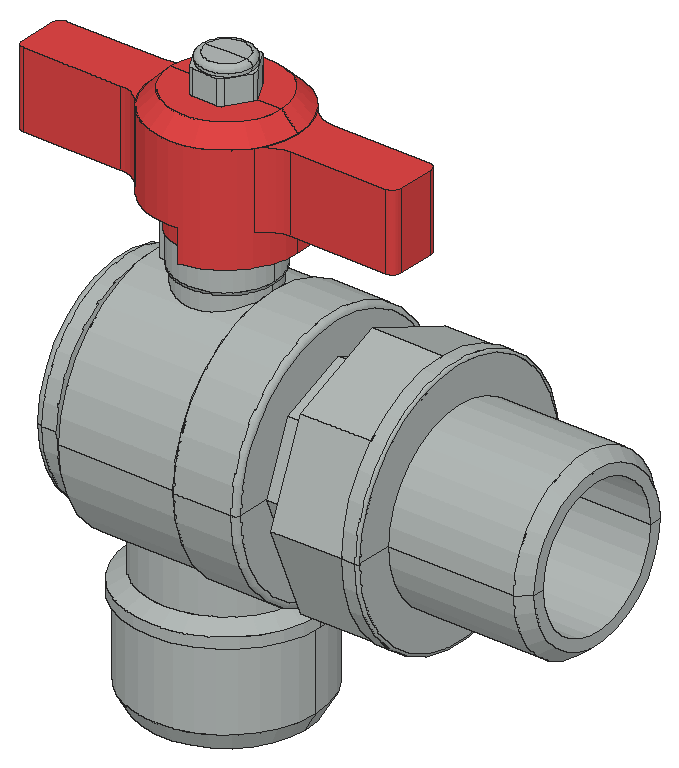
Revit family "QD01850000", category Apparecchi idraulici, Revit 2020
Family settings
  Quota connettore circolare = Usa diametro
  Tipo di parte = Normale
  Numero OmniClass = 23.45.00.00
  Titolo OmniClass = Sanitary, Laundry, and Cleaning Equipment
  Basato su piano di lavoro = No
  Sempre verticale = Sì
  Taglio con vuoti quando caricato = No
  Condiviso = No
  Punto di calcolo locali = No
Parameters
  URL = "https://web.cimberio.it/index.php/figura/252?subcategoria_id=43096"
  Temperatura di esercizio = "-20 ÷ 120°C"
  Prospetto di default = 0 mm
  Produttore = "CIMBERIO SPA"
  Pressione nominale = "PN 32"
  Modello = "Cim 239"
  Materiale = "Prodotto in lega di ottone conforme alla norma EN 12165-CW617N-DW"
  Descrizione = "Utilizzato nei più svariati settori dell'impiantistica: impianti di riscaldamento, condizionamento, idrici, igienico-sanitari, aria compressa e in generale con ogni fluido non corrosivo."
  DN Model [instance] = QD01852154 : QD01852154
  DN [instance] = 25 mm
  Commenti sul tipo = "Realizzato in ottemperanza ai requisiti gestionali della norma EN ISO 9001.\r\nCollaudato al 100% secondo la normativa EN 12266-1"
Reference planes
  plane 1 "Centro (Fronte/Retro)": y = 0
  plane 2: z = 0
  plane 3 "Centro (Sinistra/Destra)": x = 0
Dimensions and locks
  aligned and locked: level to plane 2
Nested families
  nested 1: "QD01852154" at (0, 0, 0), type <- "DN Model", type "QD01852154"
  nested 2: "QD01852154" at (0, 0, 0), type <- "DN Model", type "QD01852154"
  nested 3: "QD01852154" at (0, 0, 0), type <- "DN Model", type "QD01852154"
Connectors
  piping at (68.6, 0, 0), diameter 25, driven by "DN"
    settings: on nested 1, index 1, connector inside diameter 609.6 mm, connector length 0 mm, flow factor 0, pipe flow 0.0 L/s, pressure drop 0.0 Pa, fitting loss kfactor 0, connector angle 0.00°, fixture units 0, engagement length 0 mm, angle of deflection 0.00°, flow configuration 0, flow direction 0, fitting loss method 0, system type 7, joint type 0, gender type 0, connector reference index -1, connector utility 0, adjustable connector no, is connector primary yes, connector description ""
  piping at (0, 0, -47.5), diameter 25, driven by "DN"
    settings: on nested 1, index 2, connector inside diameter 609.6 mm, connector length 0 mm, flow factor 0, pipe flow 0.0 L/s, pressure drop 0.0 Pa, fitting loss kfactor 0, connector angle 0.00°, fixture units 0, engagement length 0 mm, angle of deflection 0.00°, flow configuration 0, flow direction 0, fitting loss method 0, system type 7, joint type 0, gender type 0, connector reference index -1, connector utility 0, adjustable connector no, is connector primary no, connector description ""
Definition of nested family "QD01852154"
  Parameters (values of type "QD01852154")
    Default Elevation = 0 mm
  Reference planes
    plane 1 "Centro (Fronte/Retro)": y = 0
    plane 2: z = 0
    plane 3 "Centro (Sinistra/Destra)": x = 0
  Forms (mm)
    Revolve 1, solid
      sketch origin (0, 0, 0) x (1, 0, 0) y (0, 1, 0)
        loop
          line (-19.65, 12.5) -> (20.6, 12.5) -> (20.6, 22.5)
          arc (20.6, 22.5) -> (20.308, 23.207) -> (19.599, 23.5) r 1
          line (19.599, 23.5) -> (9.001, 23.5)
          arc (9.001, 23.5) -> (8.658, 23.187) -> (8.5, 22.75) r 0.968
          line (8.5, 22.75) -> (-12.8, 22.75) -> (-15.55, 20) -> (-18.151, 20)
          arc (-18.151, 20) -> (-19.212, 19.56) -> (-19.65, 18.498) r 1.5
          line (-19.65, 18.498) -> (-19.65, 12.5)
        axis (-19.65, 0) -> (20.6, 0)
      angle from 0 to 360
    Extrusion 2, solid
      sketch origin (0, 0, 0) x (0, 1, 0) y (0, 0, 1)
        loop
          circle (0, 0) r 12.5
        loop
          line (0, 23.5) -> (-16.617, 16.617) -> (-23.5, 0) -> (-16.617, -16.617) -> (0, -23.5) -> (16.617, -16.617) -> (23.5, 0) -> (16.617, 16.617) -> (0, 23.5)
      from 27.1 to 40.1
    Revolve 3, solid
      sketch origin (0, 0, 4.062) x (1, 0, 0) y (0, 0, 1)
        loop
          line (0.065, 27.317) -> (0.065, 10.2) -> (8.5, 10.2) -> (8.5, 20.16)
          arc (8.5, 20.16) -> (8.86, 20.393) -> (9, 20.8) r 0.66
          line (9, 20.8) -> (9, 27.317) -> (0.065, 27.317)
        axis (0.065, 27.317) -> (0.065, 10.2)
      angle from 0 to 360
    Extrusion 4, solid
      sketch origin (0, 0, 10.625) x (1, 0, 0) y (0, 0, 1)
        loop
          line (-13, 26.3) -> (-13, 21) -> (-11, 19.845) -> (-11, 10.135) -> (-7.793, 10.135) -> (-7.793, 26.3) -> (-13, 26.3)
      from 0 to 1.742
    Revolve 5, solid
      sketch origin (0, 0, 4.062) x (1, 0, 0) y (0, 0, 1)
        loop
          line (0, 28.8) -> (-5.984, 28.8) -> (-7.003, 28.281) -> (-7.003, 26.625) -> (0, 26.625) -> (0, 28.8)
        axis (0, 28.8) -> (0, 26.625)
      angle from 0 to 360
    Revolve 6, solid
      sketch origin (0, 0, 8.056) x (1, 0, 0) y (0, 0, 1)
        loop
          line (0, 45.8) -> (-10.25, 45.806) -> (-13.25, 42.806) -> (-13.25, 22.955) -> (-7.25, 22.955) -> (-7.25, 33.512) -> (0, 33.512) -> (0, 45.8)
        axis (0, 45.806) -> (0, 22.955)
      angle from 0 to 360
    Extrusion 7, solid
      sketch origin (0, 0, 4.062) x (1, 0, 0) y (0, 1, 0)
        loop
          line (5.462, 0.547) -> (3.193, 4.475)
          arc (3.193, 4.475) -> (2.807, 4.862) -> (2.279, 5.003) r 1.056
          line (2.279, 5.003) -> (-2.264, 5.003)
          arc (-2.264, 5.003) -> (-2.805, 4.858) -> (-3.201, 4.462) r 1.082
          line (-3.201, 4.462) -> (-5.46, 0.55)
          arc (-5.46, 0.55) -> (-5.607, 0) -> (-5.46, -0.55) r 1.1
          line (-5.46, -0.55) -> (-3.2, -4.464)
          arc (-3.2, -4.464) -> (-2.805, -4.859) -> (-2.266, -5.003) r 1.078
          line (-2.266, -5.003) -> (2.25, -5.003)
          arc (2.25, -5.003) -> (2.803, -4.855) -> (3.208, -4.45) r 1.106
          line (3.208, -4.45) -> (5.462, -0.547)
          arc (5.462, -0.547) -> (5.608, 0) -> (5.462, 0.547) r 1.093
      from 54.3 to 49.794
    Revolve 8, solid
      sketch origin (0, 0, 8.064) x (1, 0, 0) y (0, 0, 1)
        loop
          line (0, 51.8) -> (0, 49.682) -> (4.75, 49.682) -> (4.75, 50.8)
          arc (4.75, 50.8) -> (4.457, 51.507) -> (3.75, 51.8) r 1
          line (3.75, 51.8) -> (0, 51.8)
        axis (0, 51.8) -> (0, 49.682)
      angle from 0 to 360
    Revolve 9, solid
      sketch origin (7.268, 0, 0) x (1, 0, 0) y (0, 1, 0)
        loop
          line (32.832, 12.5) -> (35.838, 12.5) -> (35.838, 23)
          arc (35.838, 23) -> (35.691, 23.354) -> (35.338, 23.5) r 0.5
          line (35.338, 23.5) -> (32.832, 23.5) -> (32.832, 12.5)
        axis (32.832, 0) -> (35.838, 0)
      angle from 0 to 360
    Revolve 10, solid
      sketch origin (7, 0, 0) x (1, 0, 0) y (0, 1, 0)
        loop
          line (61.6, 12.5) -> (61.6, 14.5) -> (59.326, 16.5) -> (36.1, 16.5) -> (36.1, 12.5) -> (61.6, 12.5)
        axis (36.1, 0) -> (61.6, 0)
      angle from 0 to 360
    Extrusion 11, void
      sketch origin (0, 0, 4.062) x (1, 0, 0) y (0, 1, 0)
        loop
          line (-9.25, 0) -> (-14.077, 0)
          arc (-14.077, 0) -> (-9.371, -10.505) -> (1.6, -13.986) r 14.077
          line (1.6, -13.986) -> (1.6, -9.111)
          arc (1.6, -9.111) -> (-5.948, -7.084) -> (-9.25, 0) r 9.25
      from 26.3 to 32.8
    Extrusion 12, solid
      sketch origin (0, 0, 0) x (1, 0, 0) y (0, 1, 0)
        loop
          arc (-10.874, 7.571) -> (-13.02, 5.682) -> (-15.798, 5) r 6
          line (-15.798, 5) -> (-33.5, 5)
          arc (-33.5, 5) -> (-34.561, 4.561) -> (-35, 3.5) r 1.5
          line (-35, 3.5) -> (-35, -3.5)
          arc (-35, -3.5) -> (-34.561, -4.561) -> (-33.5, -5) r 1.5
          line (-33.5, -5) -> (-15.798, -5)
          arc (-15.798, -5) -> (-13.02, -5.682) -> (-10.874, -7.571) r 6
          arc (-10.874, -7.571) -> (-13.25, 0) -> (-10.874, 7.571) r 13.25
        loop
          arc (10.874, 7.571) -> (13.25, 0) -> (10.874, -7.571) r 13.25
          arc (10.874, -7.571) -> (13.02, -5.682) -> (15.798, -5) r 6
          line (15.798, -5) -> (33.5, -5)
          arc (33.5, -5) -> (34.561, -4.561) -> (35, -3.5) r 1.5
          line (35, -3.5) -> (35, 3.5)
          arc (35, 3.5) -> (34.561, 4.561) -> (33.5, 5) r 1.5
          line (33.5, 5) -> (15.798, 5)
          arc (15.798, 5) -> (13.02, 5.682) -> (10.874, 7.571) r 6
      from 36.925 to 50.862
    Revolve 13, solid
      sketch origin (0, 0, 0) x (1, 0, 0) y (0, 0, 1)
        loop
          line (-22.071, 14.044) -> (-23.3, 0) -> (-19.65, 0) -> (-19.65, 14.5) -> (-21.42, 14.5)
          arc (-21.42, 14.5) -> (-21.852, 14.424) -> (-22.071, 14.044) r 0.519
        axis (-23.3, 0) -> (-19.65, 0)
      angle from 0 to 360
    Extrusion 14, solid
      sketch origin (0, 0, 0) x (0, 1, 0) y (0, 0, 1)
        loop
          circle (0, 0) r 12.5
        loop
          line (0, 16.6) -> (-11.738, 11.738) -> (-16.6, 0) -> (-11.738, -11.738) -> (0, -16.6) -> (11.738, -11.738) -> (16.6, 0) -> (11.738, 11.738) -> (0, 16.6)
      from 20.6 to 27.1
    Revolve 15, solid
      sketch origin (0, 0, 0) x (1, 0, 0) y (0, 0, 1)
        loop
          line (-14.5, -25.768) -> (-17.5, -27.5) -> (-17.5, -29.5) -> (0, -29.5) -> (0, -16.651) -> (-14.5, -16.651) -> (-14.5, -25.768)
        axis (0, -16.651) -> (0, -29.5)
      angle from 0 to 360
    Revolve 16, solid
      sketch origin (0, 0, 0) x (1, 0, 0) y (0, 0, 1)
        loop
          line (-12.5, -29.5) -> (-16.575, -29.5) -> (-16.575, -44.268) -> (-14.727, -47.5) -> (-12.5, -47.5) -> (-12.5, -29.5)
        axis (0, -29.5) -> (0, -47.5)
      angle from 0 to 360
  Cuts and joins
    Extrusion 11 cuts Revolve 6
  Dimensions and locks
    aligned and locked: level to plane 2
